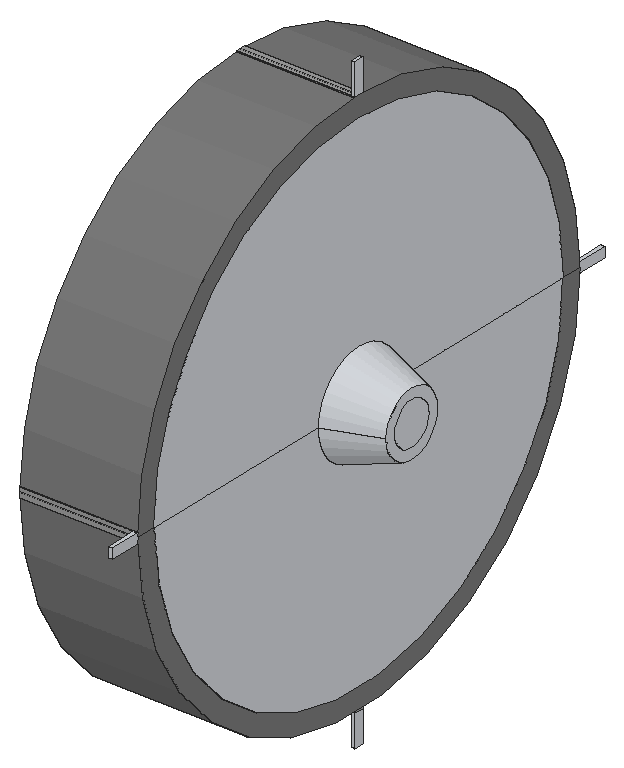
Revit family "НЕВАТОМ_Вентилятор VO c защитной решеткой, версия 1", category Оборудование, Revit 2017
Family settings
  Размер круглого соединителя = Использовать диаметр
  Тип детали = Нормальный
  На основе рабочей плоскости = Нет
  Всегда вертикально = Да
  При загрузке вырезать с полостями = Нет
  Общий = Нет
  Точка расчета площади = Нет
Parameters (values of type "VO 400-4D")
  Nevatom_URL = "https://t.me/NEVATOM_Bim_bot"
  D2.1 = D2 - D / 5  # 182.467 mm
  D2 = D1.1 - D / 15  # 260.667 mm
  D1.1 = D1 - D / 5  # 286.733 mm
  D1 = D - D / 15  # 364.933 mm
  D верх вент = D / 8  # 48.875 mm
  H = 171 mm
  D* = D / 12  # 32.583 mm
  D осн вент = D / 5  # 78.2 mm
  D = 391 mm
  C = 90 mm
  B = 470 mm
  ADSK_Частота вращения вентилятора = 1380
  ADSK_Ток = 0.48 A
  ADSK_Размер_Ширина = H  # 171 mm
  ADSK_Размер_Длина = B  # 470 mm
  ADSK_Размер_Высота = B  # 470 mm
  ADSK_Примечание = ""
  ADSK_Полная мощность = 0.19 kW
  ADSK_Позиция = ""
  ADSK_Напряжение = 380 V
  Наименование = "Вентилятор осевой"  # constant formula
  ADSK_Материал наименование = " Оцинкованная сталь"  # constant formula
  ADSK_Масса_Текст = "6.1 кг"
  ADSK_Масса = 6.1
  ADSK_Марка = "VO 400-4D-02"
  ADSK_Код изделия = ""
  ADSK_Завод-изготовитель = "НЕВАТОМ"  # constant formula
  ADSK_Единица измерения = "шт."  # constant formula
  A/2 = A / 2  # 211 mm
  A = 422 mm
Types (14, lengths in mm): name | D2.1 | D2 | D1.1 | D1 | D верх вент | H | D* | D осн вент | D | C | B | ADSK_Частота вращения вентилятора | ADSK_Ток | ADSK_Размер_Ширина | ADSK_Размер_Длина | ADSK_Размер_Высота | ADSK_Полная мощность | ADSK_Напряжение | ADSK_Масса_Текст | ADSK_Масса | ADSK_Марка | A/2 | A
  VO 200-4E | 91 | 130 | 143 | 182 | 24.375 | 126 | 16.25 | 39 | 195 | 50 | 250 | 1460 | 0.12 A | 126 | 250 | 250 | 0.03 kW | 230 V | "1.9 кг" | 1.9 | "VO 200-4Е-02" | 110 | 220
  VO 250-4E | 116.667 | 166.667 | 183.333 | 233.333 | 31.25 | 134 | 20.833 | 50 | 250 | 75 | 320 | 1380 | 0.22 A | 134 | 320 | 320 | 0.05 kW | 230 V | "2.5 кг" | 2.5 | "VO 250-4Е-02" | 141 | 282
  VO 300-4Е | 140 | 200 | 220 | 280 | 37.5 | 158 | 25 | 60 | 300 | 80 | 360 | 1370 | 0.38 A | 158 | 360 | 360 | 0.09 kW | 230 V | "3.2 кг" | 3.2 | "VO 300-4Е-02" | 161 | 322
  VO 350-4Е | 163.333 | 233.333 | 256.667 | 326.667 | 43.75 | 158 | 29.167 | 70 | 350 | 80 | 422 | 1370 | 0.68 A | 158 | 422 | 422 | 0.14 kW | 230 V | "4.7 кг" | 4.7 | "VO 350-4Е-02" | 187.5 | 375
  VO 400-4Е | 182.467 | 260.667 | 286.733 | 364.933 | 48.875 | 171 | 32.583 | 78.2 | 391 | 90 | 470 | 1350 | 0.81 A | 171 | 470 | 470 | 0.18 kW | 230 V | "6.1 кг" | 6.1 | "VO 400-4Е-02" | 211 | 422
  VO 450-4E | 208.133 | 297.333 | 327.067 | 416.267 | 55.75 | 183 | 37.167 | 89.2 | 446 | 90 | 522 | 1380 | 1.15 A | 183 | 522 | 522 | 0.25 kW | 230 V | "6.9 кг" | 6.9 | "VO 450-4Е-02" | 237.5 | 475
  VO 400-4D | 182.467 | 260.667 | 286.733 | 364.933 | 48.875 | 171 | 32.583 | 78.2 | 391 | 90 | 470 | 1380 | 0.48 A | 171 | 470 | 470 | 0.19 kW | 380 V | "6.1 кг" | 6.1 | "VO 400-4D-02" | 211 | 422
  VO 450-4D | 208.133 | 297.333 | 327.067 | 416.267 | 55.75 | 183 | 37.167 | 89.2 | 446 | 90 | 522 | 1400 | 0.58 A | 183 | 522 | 522 | 0.25 kW | 380 V | "6.9 кг" | 6.9 | "VO 450-4D-02" | 237.5 | 475
  VO 500-4E | 232.867 | 332.667 | 365.933 | 465.733 | 62.375 | 186 | 41.583 | 99.8 | 499 | 90 | 570 | 1320 | 1.85 A | 186 | 570 | 570 | 0.42 kW | 230 V | "9.5 кг" | 9.5 | "VO 500-4E-02" | 262.5 | 525
  VO 500-4D | 232.867 | 332.667 | 365.933 | 465.733 | 62.375 | 186 | 41.583 | 99.8 | 499 | 90 | 570 | 1320 | 0.93 A | 186 | 570 | 570 | 0.45 kW | 380 V | "9.5 кг" | 9.5 | "VO 500-4D-02" | 262.5 | 525
  VO 560-4E | 258.067 | 368.667 | 405.533 | 516.133 | 69.125 | 201 | 46.083 | 110.6 | 553 | 100 | 624 | 1310 | 2.45 A | 201 | 624 | 624 | 0.55 kW | 230 V | "10.5 кг" | 10.5 | "VO 560-4E-02" | 287.5 | 575
  VO 560-4D | 258.067 | 368.667 | 405.533 | 516.133 | 69.125 | 201 | 46.083 | 110.6 | 553 | 100 | 624 | 1300 | 1.2 A | 201 | 624 | 624 | 0.65 kW | 380 V | "10.5 кг" | 10.5 | "VO 560-4D-02" | 287.5 | 575
  VO 630-4E | 293.067 | 418.667 | 460.533 | 586.133 | 78.5 | 221 | 52.333 | 125.6 | 628 | 100 | 750 | 1315 | 3.5 A | 221 | 750 | 750 | 0.81 kW | 230 V | "15.0 кг" | 15 | "VO 630-4E-02" | 340 | 680
  VO 630-4D | 293.067 | 418.667 | 460.533 | 586.133 | 78.5 | 221 | 52.333 | 125.6 | 628 | 100 | 750 | 1365 | 1.95 A | 221 | 750 | 750 | 0.86 kW | 380 V | "15.0 кг" | 15 | "VO 630-6D-02" | 340 | 680
Reference planes
  plane 1 "По центру (Вперед/Назад)": y = 0
  plane 2: z = 0
  plane 3 "По центру (Влево/Вправо)": x = 0
  plane 4: x = -85.5
  plane 5: x = 85.5
  plane 6: y = -195.5
  plane 7: y = 195.5
  plane 8: x = -45
  plane 9: x = 45
  plane 10: y = 211
  plane 11: y = 395
  plane 12: y = 211
  plane 13: y = -211
  plane 14: y = 208
  plane 15: y = -208
  plane 16: z = 211
  plane 17: z = -211
  plane 18: z = 235
  plane 19: z = -235
Forms (mm)
  Extrusion 1, solid
    sketch origin (0, 0, 0) x (0, 1, 0) y (0, 0, 1)
      loop
        circle (0, 0) r 16.292
    from -85.5 to 85.5
  Blend 2, solid
    base sketch origin (0, 0, 0) x (0, 1, 0) y (0, 0, 1)
      loop
        circle (0, 0) r 39.1
    top sketch origin (0, 0, 0) x (0, 1, 0) y (0, 0, 1)
      loop
        circle (0, 0) r 24.438
    from 45 to 85.5
  Revolve 3, solid, material "Реш"
    sketch origin (0, 0, 0) x (1, 0, 0) y (0, 1, 0)
      loop
        line (-45, 0) -> (-42, 0) -> (-42, 195.5) -> (45, 195.5) -> (45, 211) -> (-45, 211) -> (-45, 0)
      axis (45, 0) -> (-45, 0)
    angle from 0 to 360
  Revolve 4, solid
    sketch origin (0, 0, 0) x (1, 0, 0) y (0, 1, 0)
      loop
        line (0, 195.5) -> (0, 0) -> (45, 0) -> (45, 195.5) -> (0, 195.5)
      axis (45, 0) -> (0, 0)
    angle from 0 to 360
  Extrusion 5, void
    sketch origin (0, 0, 0) x (0, 1, 0) y (0, 0, 1)
      loop
        circle (0, 0) r 72
      loop
        circle (0, 0) r 39.1
      loop
        circle (0, 0) r 195.5
      loop
        circle (0, 0) r 16.292
      loop
        circle (0, 0) r 100.2
    from -45 to -42
  Sweep 6, solid, material "Стена по умолчанию"
    path origin (0, 0, 0) x (1, 0, 0) y (0, 1, 0)
      loop
        line (45, 208) -> (-42, 208) -> (-42, -208) -> (45, -208)
    profile origin (1.5, 208, 0) x (0, -1, 0) y (0, 0, 1)
      loop
        line (-3, 3.808) -> (-3, -3.808) -> (0, -3.808) -> (0, 3.808) -> (-3, 3.808)
  Extrusion 7, solid
    sketch origin (0, 0, 0) x (1, 0, 0) y (0, 1, 0)
      loop
        line (42, 235) -> (42, 211) -> (45, 211) -> (45, 235) -> (42, 235)
      loop
        line (42, -211) -> (42, -235) -> (45, -235) -> (45, -211) -> (42, -211)
    from -3.808 to 3.808
  Extrusion 8, solid
    sketch origin (0, 0, 0) x (0, 1, 0) y (0, 0, 1)
      loop
        line (-3.808, 235) -> (-3.808, 211) -> (3.808, 211) -> (3.808, 235) -> (-3.808, 235)
      loop
        line (-3.808, -211) -> (-3.808, -235) -> (3.808, -235) -> (3.808, -211) -> (-3.808, -211)
    from 45 to 43
  Extrusion 9, solid
    sketch origin (0, 0, 0) x (0, 1, 0) y (0, 0, 1)
      loop
        circle (0, 0) r 39.1
    from -85.5 to -45
  Sweep 10, solid, material "Стена по умолчанию"
    path origin (0, 0, 0) x (1, 0, 0) y (0, 0, -1)
      loop
        line (45, 208) -> (-42, 208) -> (-42, -208) -> (45, -208)
    profile origin (1.5, 0, -208) x (0, 0, 1) y (0, 1, 0)
      loop
        line (-3, 3.808) -> (-3, -3.808) -> (0, -3.808) -> (0, 3.808) -> (-3, 3.808)
  Extrusion 11, void
    sketch origin (0, 0, 0) x (0, 1, 0) y (0, 0, 1)
      loop
        circle (0, 0) r 143.367
      loop
        circle (0, 0) r 182.467
    from 0 to -45
  Extrusion 12, void
    sketch origin (0, 0, 0) x (0, 1, 0) y (0, 0, 1)
      loop
        circle (0, 0) r 91.233
      loop
        circle (0, 0) r 130.333
    from 0 to -45
Cuts and joins
  Extrusion 5, Extrusion 11, Extrusion 12 cuts Revolve 4
  Extrusion 5 cuts Extrusion 1
  Extrusion 5 cuts Blend 2
  Extrusion 11, Extrusion 12 cuts Revolve 3
Lines and regions (mm)
  reference lines
    curve 1: line (-230.267, 235, 0) -> (279.733, 235, 0)
    curve 2: line (-197.413, -235, 0) -> (232.587, -235, 0)
    curve 3: circle (0, 0, 0) r 143.367 normal (1, 0, 0)
    curve 4: circle (0, 0, 0) r 182.467 normal (1, 0, 0)
    curve 5: circle (0, 0, 0) r 130.333 normal (1, 0, 0)
    curve 6: circle (0, 0, 0) r 91.233 normal (1, 0, 0)
Dimensions and locks
  equal spacing: plane 4, plane 3 "По центру (Влево/Вправо)", plane 5
  "H": plane 4 to plane 5
  equal spacing: plane 7, plane 1 "По центру (Вперед/Назад)", plane 6
  "D": plane 7 to plane 6
  equal spacing: plane 8, plane 3 "По центру (Влево/Вправо)", plane 9
  "C": plane 8 to plane 9
  locked: plane 8 to Revolve 3 sketch curve at 3
  "A/2": plane 10 to plane 1 "По центру (Вперед/Назад)"
  equal spacing: curve 2, plane 1 "По центру (Вперед/Назад)", curve 1
  "B": curve 2 to curve 1
  Sweep 6 sketch curve to Sweep 6 sketch curve = 7.615 mm
  locked: Sweep 6 sketch curve to Sweep 6 sketch curve at 7.615
  equal spacing: plane 12, plane 1 "По центру (Вперед/Назад)", plane 13
  "A": plane 12 to plane 13
  locked: Extrusion 7 sketch curve to plane 9 at 3  (x2)
  "A": plane 16 to plane 17
  equal spacing: plane 18, level, plane 19
  "B": plane 18 to plane 19
  Extrusion 8 to plane 1 "По центру (Вперед/Назад)" to Extrusion 8 = 3.808 mm, 3.808 mm  (x2)
  Extrusion 8 to Extrusion 8 = 7.615 mm  (x2)
  equal spacing: plane 17, level, plane 16
  plane 17 to plane 16 = 422 mm
  Sweep 10 sketch curve to Sweep 10 sketch curve = 7.615 mm
  locked: Sweep 10 sketch curve to Sweep 10 sketch curve at 7.615
  plane 7 to plane 6 = 391 mm
  locked: plane 12 to plane 14 at 3
  locked: plane 15 to plane 13 at 3
  locked: plane 9 to Extrusion 8 at 2
  "D*": diameter of Extrusion 1 sketch curve
  "D верх вент": diameter of Blend 2 sketch curve
  "D осн вент": diameter of Blend 2 sketch curve
  "D осн вент": diameter of Extrusion 9 sketch curve
  "D1": diameter of curve 4
  "D1.1": diameter of curve 3
  "D2": diameter of curve 5
  "D2.1": diameter of curve 6
  aligned and locked: level to plane 2
  aligned and locked: plane 5 to Extrusion 1
  aligned and locked: Extrusion 1 to plane 4
  aligned and locked: plane 5 to Blend 2
  aligned and locked: plane 8 to Revolve 3 sketch curve
  aligned and locked: Revolve 3 sketch curve to plane 10
  aligned and locked: Revolve 3 sketch curve to plane 9
  aligned and locked: Revolve 4 sketch curve to plane 7
  aligned and locked: Revolve 3 to Revolve 4 sketch curve
  aligned and locked: plane 3 "По центру (Влево/Вправо)" to Revolve 4 sketch curve
  aligned and locked: Revolve 4 sketch curve to plane 1 "По центру (Вперед/Назад)"  (x2)
  aligned and locked: Extrusion 5 to plane 8
  aligned and locked: cut or joined group of Blend 2, Extrusion 5 to plane 9
  aligned and locked: Sweep 6 sketch curve to plane 15
  aligned and locked: plane 14 to Sweep 6 sketch curve
  aligned and locked: Extrusion 7 sketch curve to curve 2
  aligned and locked: Extrusion 7 sketch curve to plane 9  (x2)
  aligned and locked: Extrusion 7 sketch curve to plane 13
  aligned and locked: curve 1 to Extrusion 7 sketch curve
  aligned and locked: plane 12 to Extrusion 7 sketch curve
  aligned and locked: Extrusion 7 to Sweep 6  (x2)
  aligned and locked: plane 16 to Extrusion 8
  aligned and locked: plane 17 to Extrusion 8
  aligned and locked: plane 18 to Extrusion 8
  aligned and locked: Extrusion 8 to plane 19
  aligned and locked: Extrusion 9 to plane 4
  aligned and locked: plane 8 to Extrusion 9
  aligned and locked: Extrusion 5 sketch curve to cut or joined group of Extrusion 1, Extrusion 5
  aligned and locked: Extrusion 5 sketch curve to Extrusion 9
  aligned and locked: Extrusion 5 sketch curve to Revolve 3
  aligned and locked: Extrusion 8 to Sweep 10  (x2)
  aligned and locked: Sweep 10 to Extrusion 8
  aligned and locked: Extrusion 5 to Revolve 3
  aligned and locked: Extrusion 11 to plane 8
  aligned and locked: Extrusion 11 sketch curve to curve 3
  aligned and locked: Extrusion 11 sketch curve to curve 4
  aligned and locked: Extrusion 12 to plane 8
  aligned and locked: Extrusion 12 sketch curve to curve 6
  aligned and locked: Extrusion 12 sketch curve to curve 5
  aligned and locked: plane 7 to Revolve 3 sketch curve
  aligned and locked: plane 9 to Extrusion 8
Automatic sketch dimensions
  Revolve 4 sketch curve to plane 4 = 39.5 mm
  plane 5 to Revolve 4 sketch curve = 69.5 mm
  plane 8 to Sweep 6 sketch curve = 3 mm
  Sweep 6 sketch curve to plane 9 = 0 mm  (x2)
  Sweep 6 sketch curve to profile plane = 0 mm
  profile plane to Sweep 6 sketch curve = 3 mm
  plane 1 "По центру (Вперед/Назад)" to Extrusion 8 sketch curve = 3.808 mm  (x2)
  Extrusion 8 sketch curve to plane 1 "По центру (Вперед/Назад)" = 3.808 mm  (x2)
  Extrusion 8 sketch curve to level = 235 mm
  Extrusion 8 sketch curve to Extrusion 8 sketch curve = 24 mm  (x2)
  level to Extrusion 8 sketch curve = 211 mm
  Sweep 10 sketch curve to plane 9 = 0 mm  (x2)
  plane 8 to Sweep 10 sketch curve = 3 mm
  plane 16 to Sweep 10 sketch curve = 3 mm
  plane 17 to Sweep 10 sketch curve = 3 mm
  profile plane to Sweep 10 sketch curve = 0 mm
  profile plane to Sweep 10 sketch curve = 3 mm
  Sweep 10 sketch curve to profile plane = 3.808 mm
  curve 1 to plane 4 = 144.767 mm
  curve 2 to plane 4 = 111.913 mm
  plane 5 to curve 2 = 147.087 mm
  plane 5 to curve 1 = 194.233 mm
  Extrusion 1 sketch curve to level = 0 mm
  Extrusion 1 sketch curve to plane 1 "По центру (Вперед/Назад)" = 0 mm
  curve 3 to curve 4 = 0 mm  (x2)
  curve 3 to curve 5 = 0 mm  (x2)
  curve 3 to curve 6 = 0 mm  (x2)
  curve 4 to level = 0 mm
  curve 4 to plane 1 "По центру (Вперед/Назад)" = 0 mm
  Blend 2 sketch curve to level = 0 mm  (x2)
  Blend 2 sketch curve to plane 1 "По центру (Вперед/Назад)" = 0 mm  (x2)
  plane 1 "По центру (Вперед/Назад)" to Revolve 3 sketch curve = 0 mm  (x2)
  Revolve 3 sketch curve to plane 8 = 0 mm
  Revolve 3 sketch curve to plane 4 = 129.5 mm
  plane 5 to Revolve 3 sketch curve = 74.5 mm
  Extrusion 9 sketch curve to level = 0 mm
  Extrusion 9 sketch curve to plane 1 "По центру (Вперед/Назад)" = 0 mm
Connectors
  hvac at (45, 0, 0), driven by "D"
    settings: on cut or joined group of Revolve 3, Extrusion 11, Extrusion 12, index 1, duct flow 0.0 L/s, flow factor 0, pres drop 0.0 Pa, loss coef 0, conn angle 0.00°, conn width 304.8 mm, conn height 304.8 mm, conn diameter 391 mm, duct sys type 28, conn prof type 0, flow config 0, flow direction 0, loss method 0, conn ref index 2, conn util no, is conn primary yes, conn desc ""
  hvac at (-45, 0, 0), driven by "D"
    settings: on cut or joined group of Revolve 3, Extrusion 11, Extrusion 12, index 2, duct flow 0.0 L/s, flow factor 0, pres drop 0.0 Pa, loss coef 0, conn angle 0.00°, conn width 304.8 mm, conn height 304.8 mm, conn diameter 391 mm, duct sys type 28, conn prof type 0, flow config 0, flow direction 0, loss method 0, conn ref index 1, conn util no, is conn primary no, conn desc ""
